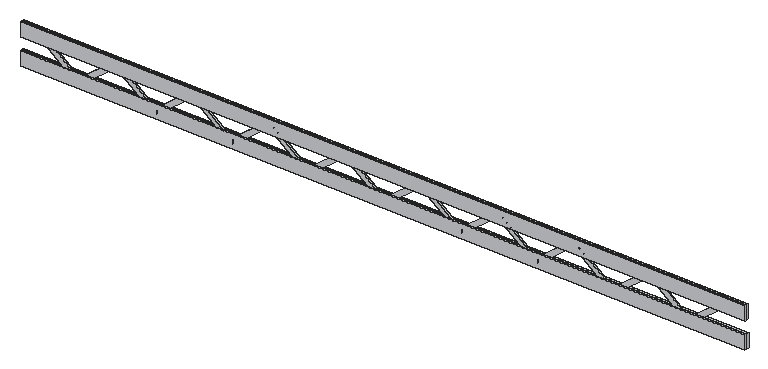
Revit family "M_TJS Caibro de teia aberta de madeira", category Quadro estrutural, Revit 2019
Family settings
  Arredondamento do comprimento do framing estrutural = 1 mm
  Forma do corte = Não definido
  Material para o comportamento do modelo = Madeira
  Exportar sempre como geometria = Sim
  Sempre na vertical = Sim
  Corte com vazios quando carregada = Não
  Representação simbólica = Da família
  Compartilhado = Não
  Exibir o pré-corte da família na vista da planta = Sim
Parameters (values of type "406mm")
  Espessura da teia = 25 mm
  Perna da teia = 50 mm
  Material estrutural = none
  Espaçamento = 12.5 mm
  Material de renderização da teia = none
  Deslocamento inicial [instance] = 0 mm
  Extensão inicial do cordão superior [instance] = 0 mm
  ComprimentoMatrizPainel [instance] = Length - (2 * Painel final)  # 7100 mm
  Linear = 406 mm
  LarguraPainel [instance] = ComprimentoMatrizPainel / NumMatrizPainel  # 788.889 mm
  NumMatrizPainel [instance] = ComprimentoMatrizPainel / (2 * Linear)  # 9
  Comprimento do deslocamento 2 [instance] = Painel final - Deslocamento final + Extensão final do cordão inferior  # 200 mm
  Comprimento do deslocamento 1 [instance] = Painel final - Deslocamento inicial + Extensão inicial do cordão inferior  # 200 mm
  Painel final [instance] = 200 mm
  Deslocamento final [instance] = 0 mm
  Extensão final do cordão superior [instance] = 0 mm
  Largura da corda = 40 mm
  Profundidade da corda = 140 mm
  Extensão inicial do cordão inferior [instance] = 0 mm
  Extensão final do cordão inferior [instance] = 0 mm
  Assembly Code = ""
  Length [instance] = 7500 mm
Reference planes
  plane 1 "Centro (Frente/Trás)": y = 0
  plane 2: z = 0
  plane 3 "Centro (Esquerda/Direita)": x = 525.246
  plane 4 "Membro esquerdo": x = -2324.754
  plane 5 "Membro direito": x = 3560.61
  plane 6: y = 20
  plane 7: y = -20
  plane 8: z = 203
  plane 9: z = -203
  plane 10 "Esquerda": x = -3224.754
  plane 11 "Símbolo esquerdo de verga": x = -24.754
  plane 12 "Símbolo direito de verga": x = 1220.61
  plane 13 "Direita": x = 4275.246
  plane 14: x = -3024.754
  plane 15: x = 4075.246
  plane 16: y = 6.25
  plane 17: y = -6.25
  plane 18: z = 63
  plane 19: z = -63
  plane 20: z = -196.65
  plane 21: z = 196.65
  plane 22: x = -3224.754
  plane 23: x = 4275.246
  plane 24: x = -3224.754
  plane 25: x = 4275.246
  plane 26: x = 3286.357
  plane 27: x = -3224.754
  plane 28: x = 4275.246
Forms (mm)
  Extrusion 1, solid, material <- "Material estrutural", detail levels medium+fine
    sketch origin (525.246, 0, 0) x (0, 1, 0) y (0, 0, 1)
      loop
        line (20, 203) -> (6.25, 203) -> (6.25, 63) -> (20, 63) -> (20, 203)
      loop
        line (-20, 63) -> (-6.25, 63) -> (-6.25, 203) -> (-20, 203) -> (-20, 63)
    from -3750 to 3750
  Extrusion 2, solid, material <- "Material estrutural", detail levels medium+fine
    sketch origin (525.246, 0, 0) x (0, 1, 0) y (0, 0, 1)
      loop
        line (20, -63) -> (6.25, -63) -> (6.25, -203) -> (20, -203) -> (20, -63)
      loop
        line (-20, -203) -> (-6.25, -203) -> (-6.25, -63) -> (-20, -63) -> (-20, -203)
    from -3750 to 3750
Lines and regions (mm)
  symbolic lines, style "StructuralFraming", detail levels coarse
    curve 1: line (0, 20, 203) -> (0, 6.25, 203)
    curve 2: line (0, -20, -203) -> (0, -6.25, -203)
    curve 14: line (0, 20, -203) -> (0, 20, -63)
    curve 15: line (0, -20, -203) -> (0, -20, -63)
    curve 16: line (0, -20, -63) -> (0, -6.25, -63)
    curve 17: line (0, 20, 63) -> (0, 20, 203)
    curve 18: line (0, -20, 63) -> (0, -20, 203)
    curve 19: line (0, -20, 63) -> (0, -6.25, 63)
    curve 20: line (525.246, 0, -203) -> (525.246, 0, 203)
    curve 22: line (0, -6.25, 203) -> (0, -20, 203)
    curve 23: line (0, 6.25, 63) -> (0, 20, 63)
    curve 24: line (0, 6.25, 63) -> (0, 6.25, 203)
    curve 25: line (0, -6.25, 63) -> (0, -6.25, 203)
    curve 26: line (0, 6.25, -63) -> (0, 20, -63)
    curve 27: line (0, 6.25, -203) -> (0, 20, -203)
    curve 28: line (0, 6.25, -203) -> (0, 6.25, -63)
    curve 29: line (0, -6.25, -203) -> (0, -6.25, -63)
  symbolic lines, style "StructuralFraming", detail levels medium
    curve 3: line (0, 0, -63) -> (0, 0, 63)
  reference lines
    curve 4: line (-24.754, 0, -326.508) -> (-24.754, 0, 282.692)
    curve 5: line (175.246, 0, -332.858) -> (175.246, 0, 282.692)
    curve 6: line (1220.61, 0, -273.588) -> (1220.61, 0, 284.812)
    curve 7: line (1020.61, 0, -400.588) -> (1020.61, 0, 284.812)
  model lines, style "Viga mestra da travessa", detail levels coarse
    curve 8: line (1020.61, 0, -203) -> (175.246, 0, -203)
    curve 9: line (1220.61, 0, 203) -> (-24.754, 0, 203)
  model lines, style "Caibro da teia", detail levels coarse
    curve 10: line (175.246, 0, -203) -> (-24.754, 0, 203)
    curve 11: line (1020.61, 0, -203) -> (1220.61, 0, 203)
  symbolic lines, detail levels fine
    curve 12: line (525.246, 6.25, -63) -> (525.246, 6.25, 63)
    curve 13: line (525.246, -6.25, -63) -> (525.246, -6.25, 63)
  symbolic lines, detail levels medium
    curve 21: line (525.246, 0, 196.65) -> (525.246, 0, -196.65)
Dimensions and locks
  equal spacing: plane 9, plane 2, plane 8
  "Length": plane 10 "Esquerda" to plane 13 "Direita"
  equal spacing: plane 10 "Esquerda", plane 3 "Centro (Esquerda/Direita)", plane 13 "Direita"
  "Extensão inicial do cordão superior": curve 4 to plane 11 "Símbolo esquerdo de verga"
  "Painel final": curve 5 to curve 4
  "Extensão final do cordão superior": curve 6 to plane 12 "Símbolo direito de verga"
  "Painel final": curve 6 to curve 7
  "Linear": plane 9 to plane 8
  "Painel final": plane 10 "Esquerda" to plane 14
  "Painel final": plane 13 "Direita" to plane 15
  "Espaçamento": plane 16 to plane 17
  equal spacing: plane 16, plane 1 "Centro (Frente/Trás)", plane 17
  locked: plane 20 to plane 9 at 6.35
  locked: plane 8 to plane 21 at 6.35
  "Deslocamento inicial": plane 10 "Esquerda" to plane 24
  "Extensão inicial do cordão superior": plane 22 to plane 24
  "Deslocamento final": plane 25 to plane 13 "Direita"
  "Extensão final do cordão superior": plane 25 to plane 23
  "LarguraPainel": plane 15 to plane 26
  equal spacing: group 1, group 3, group 4, group 5, group 6, group 7, group 8, group 9, group 2  (x3)
  "Comprimento do deslocamento 1": plane 14 to plane 27
  "Comprimento do deslocamento 2": plane 28 to plane 15
  "Profundidade da corda": plane 18 to plane 8
  "Profundidade da corda": plane 9 to plane 19
  "Largura da corda": plane 6 to plane 7
  equal spacing: plane 6, plane 1 "Centro (Frente/Trás)", plane 7
  aligned and locked: curve 8 to plane 9
  aligned and locked: curve 9 to plane 8
  aligned and locked: curve 5 to curve 8
  aligned and locked: curve 7 to curve 8
  aligned and locked: plane 12 "Símbolo direito de verga" to curve 9
  aligned and locked: curve 4 to curve 10
  aligned and locked: plane 22 to Extrusion 1
  aligned and locked: Extrusion 1 to plane 23
  aligned and locked: plane 1 "Centro (Frente/Trás)" to nested 1
  aligned and locked: nested 1 to plane 14
  aligned and locked: plane 9 to nested 1
  aligned and locked: plane 26 to nested 2
  aligned and locked: plane 9 to nested 2
  aligned and locked: Extrusion 2 to plane 27
  aligned and locked: plane 28 to Extrusion 2
  aligned and locked: curve 14 to curve 26
  aligned and locked: curve 15 to curve 16
  aligned and locked: curve 16 to curve 14
  aligned and locked: curve 16 to plane 19
  aligned and locked: plane 6 to curve 14
  aligned and locked: plane 7 to curve 15
  aligned and locked: curve 15 to curve 2
  aligned and locked: curve 27 to curve 14
  aligned and locked: curve 19 to curve 17
  aligned and locked: curve 19 to plane 18
  aligned and locked: plane 6 to curve 17
  aligned and locked: plane 7 to curve 18
  aligned and locked: plane 7 to curve 22
  aligned and locked: curve 1 to curve 18
  aligned and locked: plane 19 to curve 12
  aligned and locked: plane 19 to curve 13
  aligned and locked: plane 18 to curve 12
  aligned and locked: plane 18 to curve 13
  aligned and locked: plane 2 to level
  aligned and locked: plane 8 to Extrusion 1 sketch curve  (x2)
  aligned and locked: Extrusion 1 sketch curve to plane 6
  aligned and locked: Extrusion 1 sketch curve to plane 18  (x2)
  aligned and locked: plane 7 to Extrusion 1 sketch curve
  aligned and locked: curve 14 to Extrusion 2 sketch curve
  aligned and locked: Extrusion 2 sketch curve to curve 26
  aligned and locked: Extrusion 2 sketch curve to curve 2
  aligned and locked: Extrusion 2 sketch curve to curve 15
  aligned and locked: plane 1 "Centro (Frente/Trás)" to curve 20
  aligned and locked: plane 8 to curve 1
  aligned and locked: curve 21 to plane 1 "Centro (Frente/Trás)"
  aligned and locked: plane 18 to curve 3
  aligned and locked: plane 19 to curve 3
  aligned and locked: Extrusion 1 sketch curve to plane 16
  aligned and locked: Extrusion 1 sketch curve to plane 17
  aligned and locked: plane 16 to Extrusion 2 sketch curve
  aligned and locked: plane 17 to Extrusion 2 sketch curve
  aligned and locked: plane 19 to Extrusion 2 sketch curve
  aligned and locked: Extrusion 2 sketch curve to plane 9
  aligned and locked: curve 1 to plane 16
  aligned and locked: plane 8 to curve 24
  aligned and locked: plane 18 to curve 24
  aligned and locked: curve 24 to plane 16
  aligned and locked: plane 8 to curve 25
  aligned and locked: plane 18 to curve 25
  aligned and locked: plane 17 to curve 19
  aligned and locked: curve 22 to plane 17
  aligned and locked: plane 8 to curve 20
  aligned and locked: plane 9 to curve 20
  aligned and locked: plane 16 to curve 27
  aligned and locked: plane 16 to curve 26
  aligned and locked: plane 17 to curve 2
  aligned and locked: plane 17 to curve 16
  aligned and locked: plane 19 to curve 28
  aligned and locked: plane 9 to curve 28
  aligned and locked: plane 19 to curve 29
  aligned and locked: plane 9 to curve 29
  aligned and locked: curve 28 to plane 16
  aligned and locked: curve 29 to plane 17
  aligned and locked: plane 21 to curve 21
  aligned and locked: plane 20 to curve 21
Automatic sketch dimensions
  plane 9 to curve 7 = 197.588 mm
  plane 9 to curve 5 = 129.858 mm
  plane 9 to curve 4 = 123.508 mm
  plane 9 to curve 6 = 70.588 mm
  curve 5 to plane 8 = 79.692 mm
  curve 4 to plane 8 = 79.692 mm
  curve 7 to plane 8 = 81.812 mm
  curve 6 to plane 8 = 81.812 mm
  plane 9 to curve 15 = 0 mm
  plane 9 to curve 14 = 0 mm
  curve 2 to plane 7 = 0 mm
  curve 13 to plane 17 = 0 mm
  curve 3 to plane 1 "Centro (Frente/Trás)" = 0 mm
  curve 12 to plane 16 = 0 mm
  plane 9 to curve 27 = 0 mm
Nested families
  nested 1: "Teia" at (-3024.754, 0, 0), type "Teia"
    with Espessura da teia 12.5 mm, Deslocamento da teia 25 mm, Perna da teia 50 mm, Espessura 25 mm, AlturaPainel 406 mm, LarguraPainel 788.889 mm, Deslocamento do banzo 70 mm, Profundidade da corda 140 mm
  nested 2: "Teia" at (3286.357, 0, 0), type "Teia"
    with Espessura da teia 12.5 mm, Deslocamento da teia 25 mm, Perna da teia 50 mm, Espessura 25 mm, AlturaPainel 406 mm, LarguraPainel 788.889 mm, Deslocamento do banzo 70 mm, Profundidade da corda 140 mm
  nested 3: "Teia" at (-2235.866, 0, 0), type "Teia"
    with Espessura da teia 12.5 mm, Deslocamento da teia 25 mm, Perna da teia 50 mm, Espessura 25 mm, AlturaPainel 406 mm, LarguraPainel 788.889 mm, Deslocamento do banzo 70 mm, Profundidade da corda 140 mm
  nested 4: "Teia" at (-1446.977, 0, 0), type "Teia"
    with Espessura da teia 12.5 mm, Deslocamento da teia 25 mm, Perna da teia 50 mm, Espessura 25 mm, AlturaPainel 406 mm, LarguraPainel 788.889 mm, Deslocamento do banzo 70 mm, Profundidade da corda 140 mm
  nested 5: "Teia" at (-658.088, 0, 0), type "Teia"
    with Espessura da teia 12.5 mm, Deslocamento da teia 25 mm, Perna da teia 50 mm, Espessura 25 mm, AlturaPainel 406 mm, LarguraPainel 788.889 mm, Deslocamento do banzo 70 mm, Profundidade da corda 140 mm
  nested 6: "Teia" at (130.801, 0, 0), type "Teia"
    with Espessura da teia 12.5 mm, Deslocamento da teia 25 mm, Perna da teia 50 mm, Espessura 25 mm, AlturaPainel 406 mm, LarguraPainel 788.889 mm, Deslocamento do banzo 70 mm, Profundidade da corda 140 mm
  nested 7: "Teia" at (919.69, 0, 0), type "Teia"
    with Espessura da teia 12.5 mm, Deslocamento da teia 25 mm, Perna da teia 50 mm, Espessura 25 mm, AlturaPainel 406 mm, LarguraPainel 788.889 mm, Deslocamento do banzo 70 mm, Profundidade da corda 140 mm
  nested 8: "Teia" at (1708.579, 0, 0), type "Teia"
    with Espessura da teia 12.5 mm, Deslocamento da teia 25 mm, Perna da teia 50 mm, Espessura 25 mm, AlturaPainel 406 mm, LarguraPainel 788.889 mm, Deslocamento do banzo 70 mm, Profundidade da corda 140 mm
  nested 9: "Teia" at (2497.468, 0, 0), type "Teia"
    with Espessura da teia 12.5 mm, Deslocamento da teia 25 mm, Perna da teia 50 mm, Espessura 25 mm, AlturaPainel 406 mm, LarguraPainel 788.889 mm, Deslocamento do banzo 70 mm, Profundidade da corda 140 mm
Definition of nested family "Teia"
  Parameters
    MaterialTeia = none
    Espessura da teia = Espessura / 2  # 25.4 mm
    Deslocamento da teia = Perna da teia / 2  # 25.4 mm
    Perna da teia = 50.8 mm
    Espessura = 50.8 mm
    AlturaPainel = 200.025 mm
    LarguraPainel = 371.475 mm
    Deslocamento do banzo = Profundidade da corda / 2  # 38.1 mm
    Profundidade da corda = 76.2 mm
    Assembly Code = ""
  Reference planes
    plane 1 "Centro (Frente/Trás)": y = 0
    plane 2: z = 0
    plane 3 "Centro (Esquerda/Direita)": x = 0
    plane 4: x = 371.475
    plane 5: x = 185.738
    plane 6: z = -100.013
    plane 7: z = 61.912
    plane 8: z = 100.013
    plane 9: y = -25.4
    plane 10: y = 25.4
    plane 11: z = 36.513
    plane 12: z = -36.513
    plane 13: z = -61.912
  Forms (mm)
    Sweep 1, solid, material <- "MaterialTeia", detail levels fine
      path in 3D
        loop
          line (0, 0, 61.912) -> (25.4, 0, 61.912) -> (160.338, 0, -61.912) -> (211.138, 0, -61.912)
      profile origin (12.7, 0, 61.912) x (0, 0, 1) y (0, -1, 0)
        loop
          line (25.4, 0) -> (25.4, 25.4) -> (-25.4, 25.4) -> (-25.4, 0) -> (25.4, 0)
    Sweep 2, solid, material <- "MaterialTeia", detail levels fine
      path in 3D
        loop
          line (371.475, 0, 61.912) -> (346.075, 0, 61.912) -> (211.138, 0, -61.912) -> (160.338, 0, -61.912)
      profile origin (358.775, 0, 61.912) x (0, 0, -1) y (0, -1, 0)
        loop
          line (-25.4, -25.4) -> (25.4, -25.4) -> (25.4, 0) -> (-25.4, 0) -> (-25.4, -25.4)
  Lines and regions (mm)
    model lines
      curve 1: line (0, 0, -100.013) -> (0, 0, 100.013)
      curve 2: line (0, 0, 100.013) -> (371.475, 0, 100.013)
      curve 3: line (371.475, 0, 100.013) -> (371.475, 0, -100.013)
      curve 4: line (371.475, 0, -100.013) -> (0, 0, -100.013)
    model lines, detail levels medium
      curve 5: line (160.338, 0, -61.912) -> (211.138, 0, -61.912)
      curve 6: line (0, 0, 61.912) -> (25.4, 0, 61.912)
      curve 7: line (371.475, 0, 61.912) -> (346.075, 0, 61.912)
      curve 8: line (25.4, 0, 61.912) -> (160.338, 0, -61.912)
      curve 9: line (211.138, 0, -61.912) -> (346.075, 0, 61.912)
    sketch lines
      curve 10: line (0, 0, 61.912) -> (25.4, 0, 61.912)
      curve 11: line (25.4, 0, 61.912) -> (160.338, 0, -61.912)
      curve 12: line (160.338, 0, -61.912) -> (211.138, 0, -61.912)
      curve 13: line (371.475, 0, 61.912) -> (346.075, 0, 61.912)
      curve 14: line (211.138, 0, -61.912) -> (346.075, 0, 61.912)
      curve 15: line (160.338, 0, -61.912) -> (211.138, 0, -61.912)
  Dimensions and locks
    "LarguraPainel": plane 4 to plane 3 "Centro (Esquerda/Direita)"
    equal spacing: plane 4, plane 5, plane 3 "Centro (Esquerda/Direita)"
    "Deslocamento do banzo": plane 8 to plane 7
    "AlturaPainel": plane 8 to plane 6
    equal spacing: plane 8, plane 2, plane 6
    "Espessura": plane 10 to plane 9
    equal spacing: plane 10, plane 1 "Centro (Frente/Trás)", plane 9
    locked: plane 8 to plane 11 at 63.5
    plane 12 to plane 6 = 63.5 mm
    "Deslocamento do banzo": plane 13 to plane 6
    "Deslocamento da teia": curve 6 to curve 6
    "Perna da teia": Sweep 2 sketch curve to Sweep 2 sketch curve
    equal spacing: Sweep 1 sketch curve, plane 7, Sweep 1 sketch curve
    equal spacing: Sweep 2 sketch curve, profile plane, Sweep 2 sketch curve
    "Deslocamento da teia": curve 7 to curve 3
    "Perna da teia": Sweep 1 sketch curve to Sweep 1 sketch curve
    aligned and locked: plane 8 to curve 2
    aligned and locked: plane 7 to curve 6
    aligned and locked: plane 3 "Centro (Esquerda/Direita)" to curve 6
    aligned and locked: curve 5 to plane 13
    aligned and locked: plane 9 to Sweep 1 sketch curve
    aligned and locked: plane 1 "Centro (Frente/Trás)" to Sweep 1 sketch curve
    aligned and locked: Sweep 2 sketch curve to profile plane
    aligned and locked: Sweep 2 sketch curve to plane 10
    aligned and locked: curve 7 to plane 7
    aligned and locked: curve 4 to plane 6
    aligned and locked: plane 4 to curve 3
  Automatic sketch dimensions
    curve 5 to plane 5 = 25.4 mm
    plane 5 to curve 5 = 25.4 mm
Types in the file's own list only (13): name | Espaçamento | Linear
  457mm | 13 mm | 457 mm
  508mm | 13 mm | 508 mm
  559mm | 13 mm | 559 mm
  610mm | 13 mm | 610 mm
  660mm | 13 mm | 660 mm
  711mm | 13 mm | 711 mm
  762mm | 13 mm | 762 mm
  813mm | 13 mm | 813 mm
  864mm | 13 mm | 864 mm
  914mm | 13 mm | 914 mm
  965mm | 13 mm | 965 mm
  1016mm | 13 mm | 1016 mm
  1067mm | 13 mm | 1067 mm
